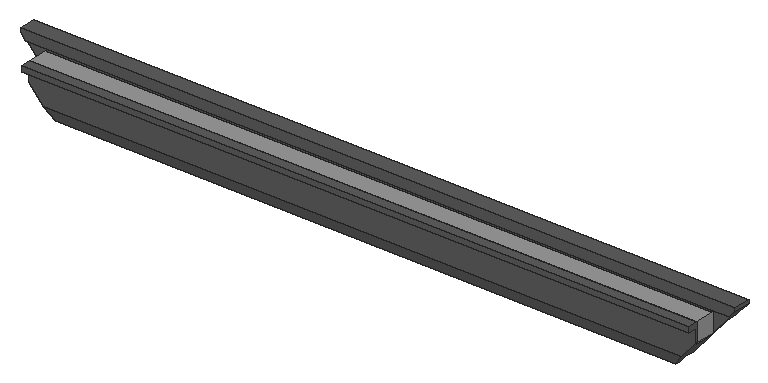
Revit family "CC4_EDGE BEAM 27 1,57_1870765", category Generic Models, Revit 2018
Family settings
  Can host rebar = No
  Round Connector Dimension = Use Diameter
  Part Type = Normal
  OmniClass Number = 35.51.14.00
  OmniClass Title = FORMWORK
  Work Plane-Based = Yes
  Always vertical = No
  Cut with Voids When Loaded = No
  Shared = Yes
  Room Calculation Point = No
Parameters
  VERSION = "20190101"  # constant formula
  URL = "www.ulmaconstruction.com/en"
  UNICLASS = ""
  ITEM_CODE = "1870765"
  Manufacturer = "ULMA CONSTRUCTION"  # constant formula
  FILTER [instance] = ""
  Default Elevation = 0.000 mm
  CLASSIFICATION_TITLE = ""
  CLASSIFICATION_NUMBER = ""
Reference planes
  plane 1 "Centro (Frontal/Posterior)": y = 0
  plane 2: z = 0
  plane 3 "Centro (Izquierda/Derecha)": x = 0
  plane 4 "ITEM_LENGTH": x = -1570
Forms (mm)
  Extrusion 1, solid, material "ULMA BLACK", detail levels fine
    sketch origin (0, 0, 0) x (0, 1, 0) y (0, 0, 1)
      loop
        line (0, 0) -> (-35, 0) -> (-35, -20) -> (-30.5, -20) -> (-30.5, -78) -> (-71.5, -78) -> (-71.5, -27) -> (-94.5, -27) -> (-94.5, -38.2) -> (-74.5, -38.2) -> (-74.5, -102.8) -> (-66.639, -125) -> (-56.703, -125) -> (-59.287, -105.365)
        arc (-59.287, -105.365) -> (-57.058, -102.254) -> (-53.807, -104.275) r 2.8
        line (-53.807, -104.275) -> (-51.36, -113.407) -> (-30.939, -118.878) -> (-27.5, -116.73) -> (-27.5, -31.2) -> (-7.5, -31.2) -> (-7.5, -20) -> (0, -20) -> (0, 0)
    from -1535 to -35
  Extrusion 2, solid, material "ULMA POLYPROPYLENE BLACK"
    sketch origin (0, 0, 0) x (0, 1, 0) y (0, 0, 1)
      loop
        line (-71.5, -27) -> (-71.5, -78) -> (-30.5, -78) -> (-30.5, -27) -> (-71.5, -27)
    from -1535 to -35
  Extrusion 3, void
    sketch origin (0, 0, 0) x (1, 0, 0) y (0, 0, 1)
      loop
        line (-134.014, -125) -> (-134.014, -127) -> (-33, -127) -> (-33, -7) -> (-35, -7) -> (-134.014, -125)
    from 0 to 250
  Extrusion 4, void
    sketch origin (0, 0, 0) x (1, 0, 0) y (0, 0, 1)
      loop
        line (-1535, -7) -> (-1537, -7) -> (-1537, -127) -> (-1435.986, -127) -> (-1435.986, -125) -> (-1535, -7)
    from 0 to 250
  Extrusion 5, void
    sketch origin (0, 0, 0) x (1, 0, 0) y (0, 0, 1)
      loop
        line (-1485, -20) -> (-1525, -20) -> (-1525, -70) -> (-1485, -70) -> (-1485, -20)
    from 30.5 to 250
  Extrusion 6, void
    sketch origin (0, 0, 0) x (1, 0, 0) y (0, 0, 1)
      loop
        line (-85, -20) -> (-85, -70) -> (-45, -70) -> (-45, -20) -> (-85, -20)
    from 30.5 to 250
  Extrusion 7, solid, material "ULMA BLACK", detail levels coarse+medium
    sketch origin (0, 0, 0) x (0, 1, 0) y (0, 0, 1)
      loop
        line (-35, 0) -> (-35, -20) -> (-30.5, -20) -> (-30.5, -78) -> (-71.5, -78) -> (-71.5, -27) -> (-94.5, -27) -> (-94.5, -38.2) -> (-74.5, -38.2) -> (-74.5, -125) -> (-27.5, -125) -> (-27.5, -31.2) -> (0, -31.2) -> (0, 0) -> (-35, 0)
    from -1535 to -35
Cuts and joins
  Extrusion 3, Extrusion 4, Extrusion 5, Extrusion 6 cuts Extrusion 1
  Extrusion 3, Extrusion 4, Extrusion 5, Extrusion 6 cuts Extrusion 2
  Extrusion 3, Extrusion 4, Extrusion 5, Extrusion 6 cuts Extrusion 7
Dimensions and locks
  locked: plane 3 "Centro (Izquierda/Derecha)" to plane 4 "ITEM_LENGTH" at 1570
  aligned and locked: level to plane 2
